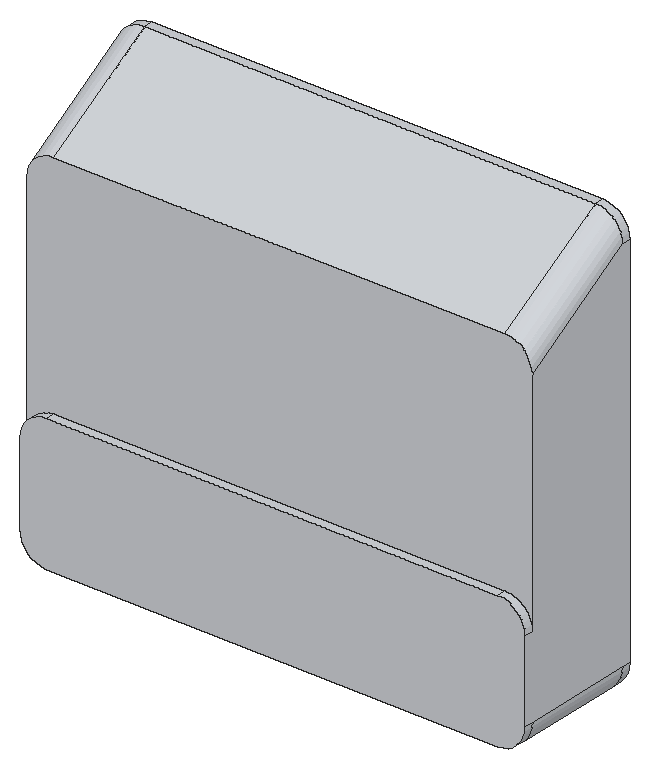
Revit family "IDP_Medical Equipment_DIS438-DISPOSABLE GLOVES & APRON DISPENSER", category Medical Equipment, Revit 2026
Family settings
  Round Connector Dimension = Use Diameter
  Part Type = Normal
  Work Plane-Based = No
  Enable Cutting in Views = Yes
  Always vertical = Yes
  Cut with Voids When Loaded = No
  Maintain Annotation Orientation = No
  Shared = Yes
  Room Calculation Point = No
Parameters (values of type "DIS438")
  Uniclass2015_Pr = "Pr_40_70_22_23 : Disposable glove dispensers"
  SFG20 = ""
  NRM3 = ""
  NRM1 = ""
  Description = "DISPOSABLE GLOVES & APRON DISPENSER"
  Default Elevation = 0 mm
  ADBWidth = 560 mm
  ADBUserData1 = "R1"
  ADBHeight = 480 mm
  ADBGroup = "2"
  ADBDescription = "DISPENSER, disposable gloves set of 3 and disposable apron, wall mounted"
  ADBDepth = 145 mm
  ADBCode = "DIS438"
Reference planes
  plane 1 "Center (Front/Back)": y = 0
  plane 2: z = 0
  plane 3 "Center (Left/Right)": x = 0
  plane 4: x = 560
  plane 5 "front": y = -145
  plane 6: z = 480
  plane 7: z = 405
  plane 8: z = 150
  plane 9 "face": y = -135
  plane 10: x = 280
  plane 11: x = 130
  plane 12: x = 430
  plane 13 "back": y = -10
Forms (mm)
  Blend 1, solid
    base sketch origin (0, -10, 0) x (0, 0, 1) y (-1, 0, 0)
      loop
        line (450, 0) -> (30, 0)
        arc (30, 0) -> (8.787, -8.787) -> (0, -30) r 30
        line (0, -30) -> (0, -530)
        arc (0, -530) -> (8.787, -551.213) -> (30, -560) r 30
        line (30, -560) -> (450, -560)
        arc (450, -560) -> (471.213, -551.213) -> (480, -530) r 30
        line (480, -530) -> (480, -30)
        arc (480, -30) -> (471.213, -8.787) -> (450, 0) r 30
    top sketch origin (0, -10, 0) x (0, 0, 1) y (-1, 0, 0)
      loop
        line (0, -30) -> (0, -530)
        arc (0, -530) -> (8.787, -551.213) -> (30, -560) r 30
        line (30, -560) -> (375, -560)
        arc (375, -560) -> (396.213, -551.213) -> (405, -530) r 30
        line (405, -530) -> (405, -30)
        arc (405, -30) -> (396.213, -8.787) -> (375, 0) r 30
        line (375, 0) -> (30, 0)
        arc (30, 0) -> (8.787, -8.787) -> (0, -30) r 30
    from 0 to 125
  Extrusion 2, solid
    sketch origin (0, 0, 0) x (1, 0, 0) y (0, 0, 1)
      loop
        line (30, 0) -> (530, 0)
        arc (530, 0) -> (551.213, 8.787) -> (560, 30) r 30
        line (560, 30) -> (560, 120)
        arc (560, 120) -> (551.213, 141.213) -> (530, 150) r 30
        line (530, 150) -> (30, 150)
        arc (30, 150) -> (8.787, 141.213) -> (0, 120) r 30
        line (0, 120) -> (0, 30)
        arc (0, 30) -> (8.787, 8.787) -> (30, 0) r 30
    from 135 to 145
  Extrusion 3, solid
    sketch origin (0, 0, 0) x (1, 0, 0) y (0, 0, 1)
      loop
        line (0, 450) -> (0, 30)
        arc (0, 30) -> (8.787, 8.787) -> (30, 0) r 30
        line (30, 0) -> (530, 0)
        arc (530, 0) -> (551.213, 8.787) -> (560, 30) r 30
        line (560, 30) -> (560, 450)
        arc (560, 450) -> (551.213, 471.213) -> (530, 480) r 30
        line (530, 480) -> (30, 480)
        arc (30, 480) -> (8.787, 471.213) -> (0, 450) r 30
    from 0 to 10
Cuts and joins
  joined: Blend 1, Extrusion 2, Extrusion 3
Lines and regions (mm)
  model lines
    curve 1: line (65, -145, 75) -> (180, -145, 75)
    curve 2: line (65, -145, 55) -> (495, -145, 55)
    curve 3: arc (180, -145, 75) -> (280, -145, 106.386) -> (380, -145, 75) r 175
    curve 4: arc (495, -145, 75) -> (505, -145, 65) -> (495, -145, 55) r 10
    curve 5: arc (65, -145, 75) -> (55, -145, 65) -> (65, -145, 55) r 10
    curve 6: line (380, -145, 75) -> (495, -145, 75)
    curve 7: line (115, -135, 342.5) -> (115, -135, 212.5)
    curve 8: line (145, -135, 212.5) -> (145, -135, 342.5)
    curve 9: arc (145, -135, 342.5) -> (130, -135, 357.5) -> (115, -135, 342.5) r 15
    curve 10: arc (145, -135, 212.5) -> (130, -135, 197.5) -> (115, -135, 212.5) r 15
    curve 11: line (265, -135, 342.5) -> (265, -135, 212.5)
    curve 12: line (295, -135, 212.5) -> (295, -135, 342.5)
    curve 13: arc (295, -135, 342.5) -> (280, -135, 357.5) -> (265, -135, 342.5) r 15
    curve 14: arc (295, -135, 212.5) -> (280, -135, 197.5) -> (265, -135, 212.5) r 15
    curve 15: line (415, -135, 342.5) -> (415, -135, 212.5)
    curve 16: line (445, -135, 212.5) -> (445, -135, 342.5)
    curve 17: arc (445, -135, 342.5) -> (430, -135, 357.5) -> (415, -135, 342.5) r 15
    curve 18: arc (445, -135, 212.5) -> (430, -135, 197.5) -> (415, -135, 212.5) r 15
Dimensions and locks
  "ADBWidth": plane 3 "Center (Left/Right)" to plane 4
  "ADBDepth": plane 1 "Center (Front/Back)" to plane 5 "front"
  "ADBHeight": plane 6 to plane 2
  level to Extrusion 2 = 150 mm
  aligned and locked: level to plane 2
  aligned and locked: Blend 1 sketch curve to plane 3 "Center (Left/Right)"  (x2)
  aligned and locked: Blend 1 sketch curve to plane 6
  aligned and locked: Blend 1 sketch curve to plane 4  (x2)
  aligned and locked: Blend 1 sketch curve to plane 2
  aligned and locked: Blend 1 sketch curve to level
  aligned and locked: Blend 1 sketch curve to plane 7
  aligned and locked: Extrusion 2 sketch curve to plane 2
  aligned and locked: Extrusion 2 sketch curve to plane 3 "Center (Left/Right)"
  aligned and locked: Extrusion 2 sketch curve to plane 8
  aligned and locked: Extrusion 2 sketch curve to plane 4
  aligned and locked: Extrusion 2 to plane 5 "front"
  aligned and locked: Extrusion 2 to Blend 1
  aligned and locked: plane 9 "face" to cut or joined group of Blend 1, Extrusion 2, Extrusion 3
  aligned and locked: plane 3 "Center (Left/Right)" to Extrusion 3 sketch curve
  aligned and locked: plane 6 to Extrusion 3 sketch curve
  aligned and locked: plane 4 to Extrusion 3 sketch curve
  aligned and locked: plane 2 to Extrusion 3 sketch curve
  aligned and locked: plane 13 "back" to Extrusion 3
Automatic sketch dimensions
  Extrusion 2 sketch curve to Extrusion 2 sketch curve = 30 mm  (x2)
  plane 3 "Center (Left/Right)" to Extrusion 2 sketch curve = 30 mm
  Extrusion 2 sketch curve to plane 4 = 30 mm
  curve 3 to plane 10 = 0 mm
  curve 6 to plane 12 = 50 mm
  curve 4 to plane 4 = 65 mm
  plane 11 to curve 1 = 50 mm
  plane 3 "Center (Left/Right)" to curve 5 = 65 mm
  curve 3 to level = 68.614 mm
  level to curve 2 = 55 mm
  curve 5 to curve 5 = 10 mm
  curve 18 to plane 12 = 0 mm
  curve 10 to plane 11 = 0 mm
  curve 14 to plane 10 = 0 mm
  curve 7 to plane 11 = 15 mm
  level to curve 7 = 212.5 mm
  level to curve 18 = 212.5 mm
  curve 11 to plane 10 = 15 mm
  curve 11 to curve 8 = 0 mm
  curve 12 to curve 12 = 130 mm
  curve 15 to plane 12 = 15 mm
  curve 15 to curve 13 = 0 mm
  curve 10 to curve 9 = 130 mm
  level to Blend 1 sketch curve = 30 mm  (x4)
  Blend 1 sketch curve to plane 6 = 30 mm
  plane 3 "Center (Left/Right)" to Blend 1 sketch curve = 30 mm  (x2)
  Blend 1 sketch curve to plane 7 = 30 mm
  plane 3 "Center (Left/Right)" to Extrusion 3 sketch curve = 30 mm  (x2)
  Extrusion 3 sketch curve to plane 4 = 30 mm  (x2)
